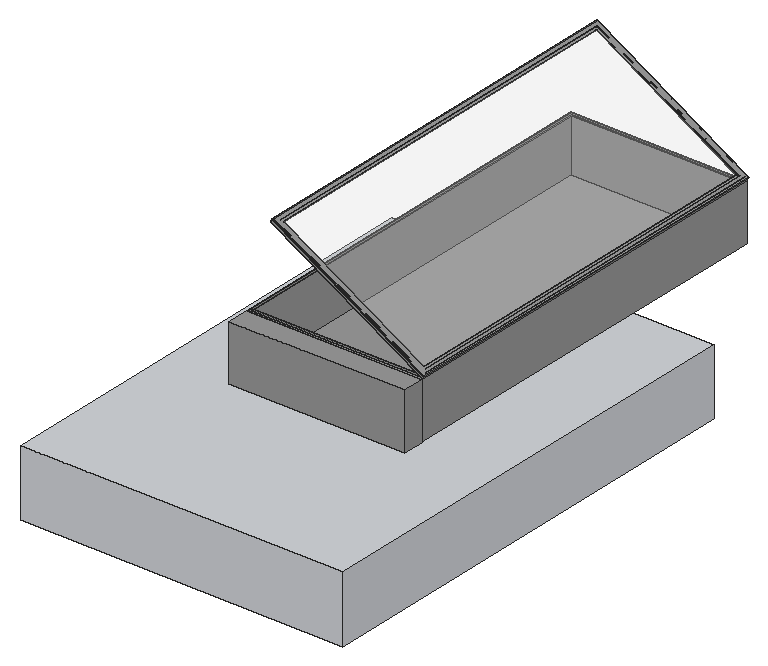
Revit family "Hager-Univers-IP55-D275-H1950-Cl.I-Steel_encl-NL-en", category Equipement électrique, Revit 2020
Family settings
  Hôte = Face
  Configuration du panneau = Deux colonnes, circuits au sein
  Cote de connecteur circulaire = Utiliser le diamètre
  Type d'élément = Tableau de raccordement
  Couper avec des vides une fois chargée = Non
  Partagée = Non
  Point de calcul de pièce = Non
Parameters (values of type "Floor installation IP55 W800 H1950 D275  - FR23K1")
  Width Control [instance] = if([EF000008 - Width] > Min Width, [EF000008 - Width], Min Width)  # 800 mm
  Commentaires du type = [HG000003 - Range]  # "Univers"
  Thickness Door [instance] = if([EF009171 - Material plate thickness door/cover] > 3 mm, 3 mm, [EF009171 - Material plate thickness door/cover])  # 1.5 mm
  Seal Frame Offset [instance] = 17 mm  # constant formula
  Plinth Visibility [instance] = [HG000027 - Plinth height] > 0 mm  # yes
  Model = ""
  Min Width [instance] = 100 mm  # constant formula
  Min Height [instance] = 100 mm  # constant formula
  Min Depth [instance] = (2 * [EF009170 - Material plate thickness cabinet]) + 1 mm  # 4 mm
  Internal Frame Depth [instance] = (Door System Depth * 0.5)  # 9 mm
  Height Control [instance] = if([EF000040 - Height] > Min Height, [EF000040 - Height], Min Height)  # 1950 mm
  HG000027 - Plinth height = 100 mm
  HG000026 - Floor standing = yes
  HG000024 - Bottom section height = 800 mm
  HG000023 - Double section enclosure = no
  HG000016 - Door 3d visibility [instance] = yes
  HG000015 - Clearance visibility [instance] = no
  HG000014 - Door on the right [instance] = yes
  HG000013 - Door on the left [instance] = not([HG000014 - Door on the right])  # no
  HG000012 - Door swing angle [instance] = 30.00°
  HG000010 - Asymmetric doors = no
  HG000009 - Double swing door = no
  HG000006 - Flush mounted = no
  HG000004 - Manufacturer reference = "FR23K1"
  HG000003 - Range = "Univers"
  HG000002 - With door or cover = yes
  Frame Offset Bottom [instance] = 10 mm  # constant formula
  Frame Offset [instance] = 15 mm  # constant formula
  EF015940 - Cover with overpressure release = no
  EF011959 - Degree of protection (NEMA) = ""
  EF009554 - Number of openings for flange plates = 6
  EF009212 - Cover model = "EV000116 - Closed"
  EF009171 - Material plate thickness door/cover = 1.5 mm
  EF009170 - Material plate thickness cabinet = 1.5 mm
  Fabricant = "Hager"  # constant formula
  EF008873 - Nominal current (In) = 800 A
  EF007800 - Suitable for lightning protection = no
  EF006306 - With lock = no
  EF006244 - Transparent cover/door = yes
  EF005474 - Degree of protection (IP) = "EV006420 - IP55"
  EF004464 - Type of door = "EV002646 - Single"
  EF004427 - Number of modules = 432
  EF004293 - Impact strength = "EV008784 - IK10"
  EF003532 - Suitable for outdoor use = no
  EF002950 - Width in number of modular spacings = 24
  EF001613 - Circuit integrity = "EV000494 - None"
  EF001596 - Material housing = "EV000179 - Steel"
  EF001131 - Internal depth = 275 mm
  EF001088 - Extension possible = yes
  EF000437 - Number of conduit inlets = 6
  EF000339 - Type of cover = "EV004216 - Door"
  EF000266 - Number of rows = 12
  EF000218 - Built-in depth = 0 mm
  EF000118 - With mounting plate = no
  EF000116 - RAL-number = "7035"
  EF000049 - Depth = 275 mm
  EF000040 - Height = 1950 mm
  EF000008 - Width = 800 mm
  EF000007 - Colour = "EV000270 - Grey"
  EF000003 - Mounting method = "EV012274 - Floor installation"
  Door System Leaf Tolerance [instance] = 1.5 mm  # constant formula
  Door System Depth [instance] = 18 mm  # constant formula
  Door Height [instance] = Height Control - [HG000027 - Plinth height]  # 1850 mm
  Depth Control [instance] = if([EF000049 - Depth] > Min Depth, [EF000049 - Depth], Min Depth)  # 275 mm
  Default Elevation = 0 mm
  Connector Offset [instance] = Height Control / 2  # 975 mm
  Bottom Top Plate Trim [instance] = 1.5 mm  # constant formula
  Plinth height Ctrl [instance] = if([HG000027 - Plinth height] > 0 mm, [HG000027 - Plinth height], 12 mm)  # 100 mm
Types (11, lengths in mm): name | Width Control | HG000010 - Asymmetric doors | HG000009 - Double swing door | HG000004 - Manufacturer reference | EF009554 - Number of openings for flange plates | EF006244 - Transparent cover/door | EF004464 - Type of door | EF004427 - Number of modules | EF000437 - Number of conduit inlets | EF000008 - Width
  Floor installation IP55 W1050 H1950 D275  - FR24E1 | 1050 | yes | yes | "FR24E1" | 8 | no | "EV003602 - Double" | 576 | 8 | 1050
  Floor installation IP55 W1050 H1950 D275  - FR24K1 | 1050 | yes | yes | "FR24K1" | 8 | yes | "EV003602 - Double" | 576 | 8 | 1050
  Floor installation IP55 W1300 H1950 D275  - FR25E1 | 1300 | yes | yes | "FR25E1" | 10 | no | "EV003602 - Double" | 720 | 10 | 1300
  Floor installation IP55 W1300 H1950 D275  - FR25K1 | 1300 | yes | yes | "FR25K1" | 10 | yes | "EV003602 - Double" | 720 | 10 | 1300
  Floor installation IP55 W1550 H1950 D275  - FR26E1 | 1550 | yes | yes | "FR26E1" | 12 | no | "EV003602 - Double" | 864 | 12 | 1550
  Floor installation IP55 W1550 H1950 D275  - FR26K1 | 1550 | yes | yes | "FR26K1" | 12 | yes | "EV003602 - Double" | 864 | 12 | 1550
  Floor installation IP55 W300 H1950 D275  - FR21E1 | 300 | no | no | "FR21E1" | 2 | no | "EV002646 - Single" | 144 | 2 | 300
  Floor installation IP55 W550 H1950 D275  - FR22E1 | 550 | no | no | "FR22E1" | 4 | no | "EV002646 - Single" | 288 | 4 | 550
  Floor installation IP55 W550 H1950 D275  - FR22K1 | 550 | no | no | "FR22K1" | 4 | yes | "EV002646 - Single" | 288 | 4 | 550
  Floor installation IP55 W800 H1950 D275  - FR23E1 | 800 | no | no | "FR23E1" | 6 | no | "EV002646 - Single" | 432 | 6 | 800
  Floor installation IP55 W800 H1950 D275  - FR23K1 | 800 | no | no | "FR23K1" | 6 | yes | "EV002646 - Single" | 432 | 6 | 800
Reference planes
  plane 1 "Center (Front/Back)": y = 0
  plane 2: z = 0
  plane 3 "Center (Left/Right)": x = 0
  plane 4: z = 275
  plane 5: y = 101.5
  plane 6: y = 1025
  plane 7: y = 100
  plane 8: y = 1950
  plane 9: z = 0
  plane 10: x = -385
  plane 11: x = 385
  plane 12: x = 383.5
  plane 13: x = -383.5
  plane 14: y = 1948.5
  plane 15: x = -383
  plane 16: x = -400
  plane 17: x = 383
  plane 18: x = 400
  plane 19: x = 398.5
  plane 20: x = -398.5
  plane 21: y = 111.5
  plane 22: y = 1950
  plane 23: y = 1933.5
  plane 24: z = 257
  plane 25: z = 1.5
  plane 26: z = 255.5
  plane 27: z = 273.5
Forms (mm)
  Extrusion 1, solid
    sketch origin (0, 0, 0) x (1, 0, 0) y (0, 1, 0)
      loop
        line (-702.964, 1305) -> (-702.964, -811.445) -> (766.763, -811.445) -> (766.763, 1305) -> (-702.964, 1305)
    from 0 to -304.8
  Extrusion 2, solid, material "Hager_Steel_RAL7035_Light_Grey", visible <- "Plinth Visibility", detail levels medium+fine
    sketch origin (0, 0, 0) x (1, 0, 0) y (0, 1, 0)
      loop
        line (-400, 0) -> (400, 0) -> (400, 100) -> (-400, 100) -> (-400, 0)
    from 0 to 257
  Extrusion 3, solid, material "Hager_Steel_RAL7035_Light_Grey", detail levels medium+fine
    sketch origin (0, 0, 0) x (1, 0, 0) y (0, 1, 0)
      loop
        line (-400, 100) -> (400, 100) -> (400, 1950) -> (-400, 1950) -> (-400, 100)
    from 0 to 257
  Extrusion 4, void
    sketch origin (0, 0, 0) x (1, 0, 0) y (0, 1, 0)
      loop
        line (-398.5, 101.5) -> (398.5, 101.5) -> (398.5, 1948.5) -> (-398.5, 1948.5) -> (-398.5, 101.5)
    from 1.5 to 255.5
  Extrusion 5, void
    sketch origin (-381.607, -4572, 257) x (0, -1, 0) y (-1, 0, 0)
      loop
        line (-4683.5, 1.893) -> (-6505.5, 1.893) -> (-6505.5, -765.107) -> (-4683.5, -765.107) -> (-4683.5, 1.893)
    from 0 to 1.5 <- "EF009170 - Material plate thickness cabinet"
  Extrusion 6, solid, material "Hager_Steel_RAL7035_Light_Grey", detail levels fine
    sketch origin (0, 0, 257) x (1, 0, 0) y (0, 1, 0)
      loop
        line (-383.5, 1933.5) -> (-383.5, 111.5) -> (383.5, 111.5) -> (383.5, 1933.5) -> (-383.5, 1933.5)
      loop
        line (-385, 110) -> (385, 110) -> (385, 1935) -> (-385, 1935) -> (-385, 110)
    from 0 to 9 <- "Internal Frame Depth"
  Extrusion 7, solid, material "Hager_Steel_RAL7035_Light_Grey", detail levels coarse
    sketch origin (0, 0, 0) x (1, 0, 0) y (0, 1, 0)
      loop
        line (-400, 0) -> (400, 0) -> (400, 1950) -> (-400, 1950) -> (-400, 0)
    from 0 to 275
  Sweep 8, void
    path in 3D
      loop
        line (-400, 100, 0) -> (400, 100, 0) -> (400, 100, 257) -> (-400, 100, 257) -> (-400, 100, 0)
    profile origin (-400, 100, 128.5) x (-1, 0, 0) y (0, -1, 0)
      loop
        line (0, 0) -> (0, 1.5) -> (-1.5, 1.5)
        arc (-1.5, 1.5) -> (-1.061, 0.439) -> (0, 0) r 1.5
Cuts and joins
  Extrusion 4, Extrusion 5 cuts Extrusion 3
  Sweep 8 cuts Extrusion 2
Lines and regions (mm)
  Masking region 1
    outline origin (0, 0, 0) x (1, 0, 0) y (0, 0, 1)
      loop
        line (-400, 275) -> (-400, 0) -> (400, 0) -> (400, 275) -> (-400, 275)
  Masking region 2, detail levels medium+fine
    outline origin (0, 140, 0) x (0, 1, 0) y (0, 0, 1)
      loop
        line (-40, 0) -> (1810, 0) -> (1810, 257) -> (-40, 257) -> (-40, 0)
  Masking region 3, not visible, detail levels medium+fine
    outline origin (0, 297.922, 0) x (0, 1, 0) y (0, 0, 1)
      loop
        line (738.578, 0) -> (778.578, 0) -> (778.578, 263.5)
        arc (778.578, 263.5) -> (775.649, 270.571) -> (768.578, 273.5) r 10
        line (768.578, 273.5) -> (738.578, 273.5) -> (738.578, 0)
  Masking region 4, detail levels coarse
    outline origin (0, 0, 180) x (0, 1, 0) y (0, 0, 1)
      loop
        line (0, -180) -> (1950, -180) -> (1950, 95) -> (0, 95) -> (0, -180)
  Masking region 5, visible <- "Plinth Visibility", detail levels medium+fine
    outline origin (0, 52.24, 12.345) x (0, 0, -1) y (0, 1, 0)
      loop
        line (10.845, 47.76) -> (-243.155, 47.76)
        arc (-243.155, 47.76) -> (-243.594, 46.699) -> (-244.655, 46.26) r 1.5
        line (-244.655, 46.26) -> (-244.655, -52.24) -> (12.345, -52.24) -> (12.345, 46.26)
        arc (12.345, 46.26) -> (11.285, 46.699) -> (10.845, 47.76) r 1.5
  Masking region 6, detail levels medium+fine
    outline origin (-381.607, -4572, 257) x (-1, 0, 0) y (0, -1, 0)
      loop
        line (18.393, -6522) -> (18.393, -4672) -> (-781.607, -4672) -> (-781.607, -6522) -> (18.393, -6522)
  Masking region 7, visible <- "Plinth Visibility", detail levels medium+fine
    outline origin (-381.607, -4727, 257) x (-1, 0, 0) y (0, -1, 0)
      loop
        arc (16.893, -4827) -> (17.332, -4825.939) -> (18.393, -4825.5) r 1.5
        line (18.393, -4825.5) -> (18.393, -4727) -> (-781.607, -4727) -> (-781.607, -4825.5)
        arc (-781.607, -4825.5) -> (-780.546, -4825.939) -> (-780.107, -4827) r 1.5
        line (-780.107, -4827) -> (16.893, -4827)
  Masking region 8, detail levels coarse
    outline origin (-442.548, -4669.526, 257) x (-1, 0, 0) y (0, -1, 0)
      loop
        line (-42.548, -6619.526) -> (-42.548, -4669.526) -> (-842.548, -4669.526) -> (-842.548, -6619.526) -> (-42.548, -6619.526)
  sketch lines
    curve 1: line (-400, 100, 257) -> (-400, 100, 0)
    curve 2: line (400, 100, 257) -> (-400, 100, 257)
    curve 3: line (400, 100, 257) -> (400, 100, 0)
    curve 4: line (-400, 100, 0) -> (400, 100, 0)
Dimensions and locks
  "Depth Control": plane 4 to Extrusion 1
  "HG000027 - Plinth height": plane 1 "Center (Front/Back)" to plane 7
  "EF009170 - Material plate thickness cabinet": plane 5 to plane 7
  locked: connector elem to plane 3 "Center (Left/Right)"
  equal spacing: plane 8, plane 6, plane 7
  locked: connector elem to plane 6
  "EF009170 - Material plate thickness cabinet": plane 8 to plane 14
  "EF009170 - Material plate thickness cabinet": plane 10 to plane 13
  "EF009170 - Material plate thickness cabinet": plane 12 to plane 11
  "Frame Offset": plane 20 to plane 13
  "Frame Offset": plane 12 to plane 19
  "EF009170 - Material plate thickness cabinet": plane 16 to plane 20
  "EF009170 - Material plate thickness cabinet": plane 19 to plane 18
  "Seal Frame Offset": plane 16 to plane 15
  "Seal Frame Offset": plane 17 to plane 18
  "Frame Offset Bottom": plane 21 to plane 5
  "Frame Offset": plane 14 to plane 23
  equal spacing: plane 16, plane 3 "Center (Left/Right)", plane 18
  "Width Control": plane 16 to plane 18
  "EF009170 - Material plate thickness cabinet": plane 4 to plane 27
  "EF009170 - Material plate thickness cabinet": plane 24 to plane 26
  "EF009170 - Material plate thickness cabinet": plane 25 to level
  "Door System Depth": plane 4 to plane 24
  "Height Control": plane 1 "Center (Front/Back)" to Extrusion 7 sketch curve
  "Height Control": Masking region 4 sketch curve to plane 1 "Center (Front/Back)"
  "Height Control": plane 1 "Center (Front/Back)" to plane 22
  "Bottom Top Plate Trim": profile plane to Sweep 8 sketch curve
  "Bottom Top Plate Trim": Sweep 8 sketch curve to profile plane
  "Plinth height Ctrl": plane 1 "Center (Front/Back)" to Extrusion 2 sketch curve
  "Plinth height Ctrl": Masking region 5 sketch curve to plane 1 "Center (Front/Back)"
  "Plinth height Ctrl": plane 1 "Center (Front/Back)" to Masking region 7 sketch curve
  "Thickness Door": Extrusion 6 sketch curve to Extrusion 6 sketch curve  (x3)
  "Thickness Door": cut or joined group of Extrusion 3, Extrusion 4, Extrusion 5 to Extrusion 6 sketch curve
  radius of Masking region 3 sketch curve = 10 mm
  "Bottom Top Plate Trim": radius of Masking region 5 sketch curve  (x2)
  "Bottom Top Plate Trim": radius of Sweep 8 sketch curve
  "Bottom Top Plate Trim": radius of Masking region 7 sketch curve  (x2)
  aligned and locked: plane 2 to Extrusion 1
  aligned and locked: level to Extrusion 1
  aligned and locked: level to Masking region 1 sketch curve
  aligned and locked: Masking region 1 sketch curve to plane 18
  aligned and locked: Masking region 1 sketch curve to plane 16
  aligned and locked: plane 7 to Masking region 2 sketch curve
  aligned and locked: level to Masking region 3 sketch curve
  aligned and locked: Masking region 3 sketch curve to plane 27
  aligned and locked: level to Masking region 2 sketch curve
  aligned and locked: plane 1 "Center (Front/Back)" to Extrusion 2 sketch curve
  aligned and locked: Extrusion 3 sketch curve to plane 7
  aligned and locked: plane 16 to Extrusion 3 sketch curve
  aligned and locked: plane 18 to Extrusion 3 sketch curve
  aligned and locked: plane 20 to Extrusion 4 sketch curve
  aligned and locked: plane 19 to Extrusion 4 sketch curve
  aligned and locked: Extrusion 4 sketch curve to plane 5
  aligned and locked: Extrusion 4 to plane 25
  aligned and locked: plane 26 to Extrusion 4
  aligned and locked: plane 24 to Extrusion 3
  aligned and locked: Extrusion 5 sketch curve to plane 21
  aligned and locked: Extrusion 5 sketch curve to plane 13
  aligned and locked: Extrusion 5 sketch curve to plane 12
  aligned and locked: plane 18 to Extrusion 7 sketch curve
  aligned and locked: plane 1 "Center (Front/Back)" to Extrusion 7 sketch curve
  aligned and locked: plane 16 to Extrusion 7 sketch curve
  aligned and locked: plane 4 to Extrusion 7
  aligned and locked: Extrusion 7 to level
  aligned and locked: level to Masking region 4 sketch curve
  aligned and locked: Masking region 4 sketch curve to plane 1 "Center (Front/Back)"
  aligned and locked: Masking region 4 sketch curve to plane 4
  aligned and locked: nested 1 to level
  aligned and locked: nested 1 to plane 16
  aligned and locked: plane 8 to Extrusion 3 sketch curve
  aligned and locked: plane 23 to Extrusion 5 sketch curve
  aligned and locked: plane 14 to Extrusion 4 sketch curve
  aligned and locked: Masking region 2 sketch curve to plane 8
  aligned and locked: level to Masking region 5 sketch curve
  aligned and locked: plane 16 to Extrusion 2 sketch curve
  aligned and locked: plane 18 to Extrusion 2 sketch curve
  aligned and locked: Masking region 5 sketch curve to plane 24
  aligned and locked: Masking region 2 sketch curve to plane 24
  aligned and locked: plane 24 to Extrusion 2
  aligned and locked: profile plane to Sweep 8 sketch curve  (x2)
  aligned and locked: Masking region 6 sketch curve to plane 18
  aligned and locked: Masking region 6 sketch curve to plane 22
  aligned and locked: Masking region 6 sketch curve to plane 16
  aligned and locked: plane 8 to plane 22
  aligned and locked: Masking region 6 sketch curve to plane 7
  aligned and locked: Masking region 7 sketch curve to plane 16
  aligned and locked: Masking region 7 sketch curve to plane 1 "Center (Front/Back)"
  aligned and locked: Masking region 7 sketch curve to plane 18
  aligned and locked: Masking region 8 sketch curve to plane 1 "Center (Front/Back)"
  aligned and locked: Masking region 8 sketch curve to plane 18
  aligned and locked: Masking region 8 sketch curve to plane 22
  aligned and locked: Masking region 8 sketch curve to plane 16
  aligned and locked: nested 2 to plane 7
  aligned and locked: plane 3 "Center (Left/Right)" to nested 2
  aligned and locked: nested 2 to plane 24
  aligned and locked: Extrusion 6 sketch curve to cut or joined group of Extrusion 3, Extrusion 4, Extrusion 5  (x4)
Automatic sketch dimensions
  Extrusion 1 sketch curve to Extrusion 1 sketch curve = 1469.727 mm
  Extrusion 1 sketch curve to Extrusion 1 sketch curve = 2116.445 mm
  Masking region 1 sketch curve to plane 4 = 0 mm
  plane 6 to Masking region 3 sketch curve = 11.5 mm
  Masking region 3 sketch curve to Masking region 3 sketch curve = 30 mm
  Masking region 5 sketch curve to plane 1 "Center (Front/Back)" = 0 mm
Nested families
  nested 1: "Hager_Enclosure_Symbol" at (-400, 0, 0) x (1, 0, 0) z (0, -1, 0), Height <- "Depth Control", Width <- "Width Control", type "Hager_Enclosure_Symbol"
    with Width_Ctrl 800 mm, Width 800 mm, Height_Ctrl 275 mm, Height 275 mm, A_Width_Int 18.047 mm, A_Width 216.562 mm, A_Height_Ctrl 240.625 mm, A_Height 240.625 mm
  nested 2: "EC000058_Univers_Door" at (0, 100, 257) x (1, 0, 0) z (0, 1, 0), Leaf_Tolerance <- "Door System Leaf Tolerance", Angle <- "HG000012 - Door swing angle", Door_Depth <- "Door System Depth", Door_Left <- "HG000013 - Door on the left", Transparent <- "EF006244 - Transparent cover/door", Assymetrical <- "HG000010 - Asymmetric doors", Width <- "Width Control", Clearance <- "HG000015 - Clearance visibility", Double <- "HG000009 - Double swing door", 3d_Door <- "HG000016 - Door 3d visibility", Lock_Visibility <- "EF006306 - With lock", Width_Ctrl <- "Width Control", Door_Right <- "HG000014 - Door on the right", Door <- "HG000002 - With door or cover", Height <- "Door Height", Thickness <- "Thickness Door", type "EC000058_Univers_Door", detail levels medium+fine
    with min_wh 4 mm, Width_Ctrl 800 mm, Width 800 mm, Transparent yes, Thickness 1.5 mm, Seal_Material Hager_Rubber, Lock_Visibility no, Lock_Material Hager_Plastic_RAL9005_Jet_Black, Leaf_Width 800 mm, Leaf_Tolerance_External_Sides 0 mm, Leaf_Tolerance 1.5 mm, Leaf_Offset 0 mm, Leaf_Height 1847 mm, Leaf_2_Width 800 mm, Leaf_2_Offset 400 mm, Leaf_1_Width 800 mm, Leaf_1_Offset 400 mm, Height_Ctrl 1850 mm, Height 1850 mm, Glass_Material Hager_Glass, Double_Clearance_Ctrl no, Double no, Door_Right_Ctrl yes, Door_Right yes, Door_Material Hager_Steel_RAL7035_Light_Grey, Door_Left_Ctrl no, Door_Left no, Door_Depth 18 mm, Door yes, Clearance_Material Hager_Clearance, Clearance_Depth 800 mm, Clearance_Ctrl no, Clearance no, Assymetrical no, Angle 30.00°, 3d_Door yes
Connectors
  electrical at (0, 1025, 0)
    settings: on plane 9, index 1, voltage 0 V, apparent load 0 VA, apparent load phase1 0 VA, apparent load phase2 0 VA, apparent load phase3 0 VA, power factor 1, load classification "Other", number of poles 1, system type 30, power factor state 1, is connector primary yes, connector utility no, sub classification motor no, connector description ""
Definition of nested family "EC000058_Univers_Door"
  Parameters (values of type "EC000058_Univers_Door")
    min_wh [instance] = (2 * Thickness) + 1 mm  # 11 mm
    Width_Ctrl [instance] = 400 mm
    Width [instance] = 500 mm
    Transparent [instance] = yes
    Thickness [instance] = 5 mm
    Seal_Material [instance] = none
    Lock_Visibility [instance] = yes
    Lock_Material [instance] = none
    Leaf_Width [instance] = if((Width_Ctrl - 2 * Leaf_Tolerance_External_Sides) > 0 mm, (Width_Ctrl - 2 * Leaf_Tolerance_External_Sides), min_wh)  # 400 mm
    Leaf_Tolerance_External_Sides [instance] = 0 mm  # constant formula
    Leaf_Tolerance [instance] = 1.5 mm
    Leaf_Offset [instance] = 0 mm  # constant formula
    Leaf_Height [instance] = if((Height_Ctrl - 2 * Leaf_Tolerance) > 0 mm, (Height_Ctrl - 2 * Leaf_Tolerance), min_wh)  # 497 mm
    Leaf_2_Width [instance] = if(and(and(Double, Assymetrical), Door_Left), (Leaf_Width / 3) - (Leaf_Tolerance / 2), if(and(and(Double, Assymetrical), Door_Right), (Leaf_Width / 3) * 2 - (Leaf_Tolerance / 2), if(and(Double, not(Assymetrical)), (Leaf_Width / 2) - Leaf_Tolerance, Leaf_Width)))  # 400 mm
    Leaf_2_Offset [instance] = if(and(Double, Assymetrical), Leaf_2_Width / 2, if(and(Double, not(Assymetrical)), Leaf_Width / 4, Leaf_Width / 2))  # 200 mm
    Leaf_1_Width [instance] = if(and(and(Double, Assymetrical), Door_Right), (Leaf_Width / 3) - (Leaf_Tolerance / 2), if(and(and(Double, Assymetrical), Door_Left), (Width / 3) * 2 - (Leaf_Tolerance / 2), if(and(Double, not(Assymetrical)), (Leaf_Width / 2) - Leaf_Tolerance, Leaf_Width)))  # 400 mm
    Leaf_1_Offset [instance] = if(and(Double, Assymetrical), Leaf_1_Width / 2, if(and(Double, not(Assymetrical)), Leaf_Width / 4, Leaf_Width / 2))  # 200 mm
    Height_Ctrl [instance] = if(Height > min_wh, Height, min_wh)  # 500 mm
    Height [instance] = 500 mm
    Glass_Material [instance] = none
    Double_Clearance_Ctrl [instance] = and(Double, Clearance)  # no
    Double [instance] = no
    Door_Right_Ctrl [instance] = and(or(Door_Right, Double), Door)  # yes
    Door_Right [instance] = yes
    Door_Material [instance] = none
    Door_Left_Ctrl [instance] = and(or(Door_Left, Double), Door)  # no
    Door_Left [instance] = no
    Door_Depth [instance] = 30 mm
    Door [instance] = yes
    Default Elevation = 1219.2 mm
    Clearance_Material [instance] = none
    Clearance_Depth [instance] = if(Leaf_1_Width > Leaf_2_Width, Leaf_1_Width, Leaf_2_Width)  # 400 mm
    Clearance_Ctrl [instance] = and(not(Double), Clearance)  # yes
    Clearance [instance] = yes
    Assymetrical [instance] = yes
    Angle [instance] = 30.00°
    3d_Door [instance] = yes
  Reference planes
    plane 1 "Center (Front/Back)": y = 0
    plane 2 "Bottom": z = 0
    plane 3 "Center (Left/Right)": x = 0
    plane 4: z = 500
    plane 5: x = -200
    plane 6: x = 200
    plane 7: z = 500
    plane 8: x = -200
    plane 9: z = 0
    plane 10: x = 200
    plane 11: y = 0
    plane 12: z = 1.5
    plane 13: x = -600
    plane 14: y = -400
    plane 15: x = 600
    plane 16: x = 0
    plane 17: x = 0
    plane 18: x = -200
    plane 19: x = 200
    plane 20: z = 498.5
  Forms (mm)
    Extrusion 1, solid, material <- "Clearance_Material", visible <- "Double_Clearance_Ctrl"
      sketch origin (1200, 0, 0) x (1, 0, 0) y (0, 0, -1)
        loop
          line (-1800, -498.5) -> (-600, -498.5) -> (-600, 0) -> (-1800, 0) -> (-1800, -498.5)
      from 0 to -400
  Dimensions and locks
    equal spacing: plane 5, plane 3 "Center (Left/Right)", plane 6
    "Width_Ctrl": plane 5 to plane 6
    "Leaf_Offset": plane 5 to plane 8
    "Leaf_Offset": plane 6 to plane 10
    "Leaf_Offset": plane 9 to level
    "Leaf_Offset": plane 4 to plane 7
    "Height_Ctrl": plane 4 to level
    "Leaf_Tolerance": plane 12 to plane 9
    locked: plane 11 to plane 1 "Center (Front/Back)"
    "Leaf_1_Offset": plane 18 to plane 16
    "Leaf_2_Offset": plane 17 to plane 19
    "Leaf_1_Width": plane 13 to plane 8
    "Leaf_2_Width": plane 10 to plane 15
    "Clearance_Depth": plane 14 to plane 1 "Center (Front/Back)"
    "Leaf_Tolerance_External_Sides": plane 8 to plane 18
    "Leaf_Tolerance_External_Sides": plane 19 to plane 10
    "Leaf_Tolerance": plane 7 to plane 20
    aligned and locked: level to plane 2 "Bottom"
    aligned and locked: nested 1 to plane 16
    aligned and locked: nested 2 to plane 17
    aligned and locked: Extrusion 1 to plane 13
    aligned and locked: plane 15 to Extrusion 1
    aligned and locked: Extrusion 1 to plane 14
    aligned and locked: plane 12 to nested 1
    aligned and locked: nested 2 to plane 12
    aligned and locked: Extrusion 1 to plane 11
    aligned and locked: plane 20 to Extrusion 1
    aligned and locked: nested 2 to plane 11
    aligned and locked: nested 1 to plane 11
  Automatic sketch dimensions
    Extrusion 1 sketch curve to level = 0 mm
    plane 5 to Extrusion 1 sketch curve = 400 mm
    plane 6 to Extrusion 1 sketch curve = 400 mm
    Extrusion 1 sketch curve to plane 4 = 1.5 mm
  Nested families
    nested 1: "EC000058_Univers_Door_Leaf" at (0, 0, 1.5), Width <- "Leaf_1_Width", visible <- "Door_Left_Ctrl", Leaf_Height <- "Leaf_Height", Angle <- "Angle", 3d_Door <- "3d_Door", Transparent <- "Transparent", Clearance Material <- "Clearance_Material", Clearance <- "Clearance_Ctrl", Door_Material <- "Door_Material", Glass_Material <- "Glass_Material", Door_Depth <- "Door_Depth", Lock_Material <- "Lock_Material", Seal_Material <- "Seal_Material", Lock_Visibility <- "Lock_Visibility", Thickness <- "Thickness", type "EC000058_Univers_Door_Leaf"
      with Width 400 mm, Transparent_Glass_Offset 30 mm, Transparent_Ctrl yes, Transparent yes, Thickness 5 mm, Standard no, Seal_Material none, Seal_D2 8 mm, Seal_D1 1 mm, Offset_Internal_Frame 10 mm, Lock_Width 20 mm, Lock_Visibility_3d yes, Lock_Visibility yes, Lock_Thickness_3 3 mm, Lock_Thickness_2 1 mm, Lock_Thickness_1 3 mm, Lock_Radius_Offset_2 16 mm, Lock_Radius_Offset_1 15 mm, Lock_Radius_2 5 mm, Lock_Radius 6 mm, Lock_Offset 5 mm, Lock_Material none, Lock_Height 80 mm, Lock_Cover_Top_Offset_2d 17 mm, Lock_Cover_Height -65 mm, Leaf_Height 497 mm, Internal_Seal_Thickness 8 mm, Internal_Seal_Depth_2 4.5 mm, Internal_Frame_Depth 25 mm, Glass_Thickness -1 mm, Glass_Offset -2 mm, Glass_Material none, Door_Material none, Door_Depth 30 mm, Clearance Material none, Clearance yes, Angle_Ctrl 30.00°, Angle 30.00°, 3d_Door yes
    nested 2: "EC000058_Univers_Door_Leaf" at (0, 0, 1.5) x (-1, 0, 0) z (0, 0, 1), Width <- "Leaf_2_Width", visible <- "Door_Right_Ctrl", Leaf_Height <- "Leaf_Height", Angle <- "Angle", 3d_Door <- "3d_Door", Transparent <- "Transparent", Clearance Material <- "Clearance_Material", Clearance <- "Clearance_Ctrl", Door_Material <- "Door_Material", Glass_Material <- "Glass_Material", Door_Depth <- "Door_Depth", Lock_Material <- "Lock_Material", Seal_Material <- "Seal_Material", Lock_Visibility <- "Lock_Visibility", Thickness <- "Thickness", type "EC000058_Univers_Door_Leaf"
      with Width 400 mm, Transparent_Glass_Offset 30 mm, Transparent_Ctrl yes, Transparent yes, Thickness 5 mm, Standard no, Seal_Material none, Seal_D2 8 mm, Seal_D1 1 mm, Offset_Internal_Frame 10 mm, Lock_Width 20 mm, Lock_Visibility_3d yes, Lock_Visibility yes, Lock_Thickness_3 3 mm, Lock_Thickness_2 1 mm, Lock_Thickness_1 3 mm, Lock_Radius_Offset_2 16 mm, Lock_Radius_Offset_1 15 mm, Lock_Radius_2 5 mm, Lock_Radius 6 mm, Lock_Offset 5 mm, Lock_Material none, Lock_Height 80 mm, Lock_Cover_Top_Offset_2d 17 mm, Lock_Cover_Height -65 mm, Leaf_Height 497 mm, Internal_Seal_Thickness 8 mm, Internal_Seal_Depth_2 4.5 mm, Internal_Frame_Depth 25 mm, Glass_Thickness -1 mm, Glass_Offset -2 mm, Glass_Material none, Door_Material none, Door_Depth 30 mm, Clearance Material none, Clearance yes, Angle_Ctrl 30.00°, Angle 30.00°, 3d_Door yes
  Definition of nested family "EC000058_Univers_Door_Leaf"
    Parameters (values of type "EC000058_Univers_Door_Leaf")
      Width [instance] = 2000 mm
      Transparent_Glass_Offset [instance] = 30 mm
      Transparent_Ctrl [instance] = and(Transparent, [3d_Door])  # yes
      Transparent [instance] = yes
      Thickness [instance] = 5 mm
      Standard [instance] = and(not(Transparent), [3d_Door])  # no
      Seal_Material [instance] = none
      Seal_D2 [instance] = 8 mm  # constant formula
      Seal_D1 [instance] = 1 mm  # constant formula
      Offset_Internal_Frame [instance] = 10 mm  # constant formula
      Lock_Width [instance] = 20 mm  # constant formula
      Lock_Visibility_3d [instance] = and(Lock_Visibility, [3d_Door])  # yes
      Lock_Visibility [instance] = yes
      Lock_Thickness_3 [instance] = 3 mm  # constant formula
      Lock_Thickness_2 [instance] = 1 mm  # constant formula
      Lock_Thickness_1 [instance] = 3 mm  # constant formula
      Lock_Radius_Offset_2 [instance] = Lock_Radius_Offset_1 + 1 mm  # 16 mm
      Lock_Radius_Offset_1 [instance] = 15 mm  # constant formula
      Lock_Radius_2 [instance] = Lock_Radius - 1 mm  # 5 mm
      Lock_Radius [instance] = 6 mm  # constant formula
      Lock_Offset [instance] = 5 mm  # constant formula
      Lock_Material [instance] = none
      Lock_Height [instance] = 80 mm  # constant formula
      Lock_Cover_Top_Offset_2d [instance] = Lock_Radius_Offset_2 + 1 mm  # 17 mm
      Lock_Cover_Height [instance] = -(Lock_Height - Lock_Radius_Offset_1)  # -65 mm
      Leaf_Height [instance] = 2720.336 mm
      Internal_Seal_Thickness [instance] = 8 mm  # constant formula
      Internal_Seal_Depth_2 [instance] = 4.5 mm  # constant formula
      Internal_Frame_Depth [instance] = if(Door_Depth - Thickness > 5 mm, Door_Depth - Thickness, 5 mm)  # 25 mm
      Glass_Thickness [instance] = if(Thickness > 15 mm, Glass_Offset + 10 mm, -1 mm)  # -1 mm
      Glass_Offset [instance] = if(Thickness > 15 mm, -(Thickness + 10 mm) / 2, -2 mm)  # -2 mm
      Glass_Material [instance] = none
      Door_Material [instance] = none
      Door_Depth [instance] = 30 mm
      Default Elevation = 0 mm
      Clearance Material [instance] = none
      Clearance [instance] = yes
      Angle_Ctrl [instance] = if(Angle > 180.00°, 180.00°, Angle)  # 90.00°
      Angle [instance] = 90.00°
      3d_Door [instance] = yes
    Reference planes
      plane 1 "Center (Front/Back)": y = 0
      plane 2: z = 0
      plane 3 "Center (Left/Right)": x = 0
      plane 4: y = 2000
      plane 5: x = -1000
      plane 6: x = 1000
      plane 7: x = -3000
      plane 8: z = 2720.336
      plane 9: z = 30
      plane 10: z = 2690.336
      plane 11: x = 970
      plane 12: x = -970
      plane 13: y = -3
      plane 14: z = 107.833
      plane 15: y = -5
      plane 16: y = -223.314
      plane 17: x = -1000
      plane 18: z = 1360.168
      plane 19: y = 30
    Forms (mm)
      Extrusion 1, solid, material <- "Clearance Material", visible <- "Clearance"
        sketch origin (0, 0, 0) x (1, 0, 0) y (0, 0, 1)
          loop
            line (-3000, 2720.336) -> (-3000, 0) -> (1000, 0) -> (1000, 2720.336) -> (-3000, 2720.336)
        from 0 to -2000
      Extrusion 2, solid, material <- "Door_Material", visible <- "Standard", detail levels medium+fine
        sketch origin (-1000, 0, 0) x (0, 1, 0) y (-1, 0, 0)
          loop
            line (0, 30) -> (0, 25) -> (2000, 25) -> (2000, 30) -> (0, 30)
        from 0 to 2720.336 <- "Leaf_Height"
      Extrusion 3, solid, material <- "Door_Material", visible <- "Transparent_Ctrl", detail levels medium+fine
        sketch origin (-1000, 0, 0) x (0, 1, 0) y (-1, 0, 0)
          loop
            line (0, 25) -> (2000, 25) -> (2000, 30) -> (0, 30) -> (0, 25)
        from 0 to 2720.336 <- "Leaf_Height"
      Extrusion 4, void
        sketch origin (-1025, 2000, 0) x (0, 1, 0) y (0, 0, -1)
          loop
            line (-30, -2690.336) -> (-30, -30) -> (-1970, -30) -> (-1970, -2690.336) -> (-30, -2690.336)
        from 0 to 5 <- "Thickness"
      Sweep 5, solid, material <- "Seal_Material", visible <- "Transparent_Ctrl", detail levels fine
        path in 3D
          loop
            line (-1025, 30, 30) -> (-1025, 30, 2690.336) -> (-1025, 1970, 2690.336) -> (-1025, 1970, 30) -> (-1025, 30, 30)
        profile origin (-1025, 1000, 30) x (1, 0, 0) y (0, 0, 1)
          loop
            line (0, 0) -> (0, -8) -> (1, -8) -> (1, 0) -> (0, 0)
      Extrusion 6, solid, material <- "Glass_Material", visible <- "Transparent_Ctrl", detail levels medium+fine
        sketch origin (-1030, 0, 0) x (0, 1, 0) y (0, 0, -1)
          loop
            line (1970, -2690.336) -> (1970, -30) -> (30, -30) -> (30, -2690.336) -> (1970, -2690.336)
        from -2 <- "Glass_Offset" to -1 <- "Glass_Thickness"
      Extrusion 7, solid, material <- "Door_Material", visible <- "3d_Door", detail levels medium+fine
        sketch origin (-1025, 2000, 0) x (0, -1, 0) y (0, 0, -1)
          loop
            line (0, -2720.336) -> (2000, -2720.336) -> (2000, 0) -> (0, 0) -> (0, -2720.336)
          loop
            line (1995, -5) -> (5, -5) -> (5, -2715.336) -> (1995, -2715.336) -> (1995, -5)
        from 0 to 25 <- "Internal_Frame_Depth"
      Sweep 8, solid, material <- "Seal_Material", visible <- "Transparent_Ctrl", detail levels fine
        path in 3D
          loop
            line (-1025, 0, 0) -> (-1025, 2000, 0) -> (-1025, 2000, 2720.336) -> (-1025, 0, 2720.336) -> (-1025, 0, 0)
        profile origin (-1025, 0, 1360.168) x (1, 0, 0) y (0, 1, 0)
          loop
            line (0, 10) -> (2.975, 10)
            arc (2.975, 10) -> (4.053, 10.447) -> (4.5, 11.525) r 1.525
            line (4.5, 11.525) -> (4.5, 16.527)
            arc (4.5, 16.527) -> (4.069, 17.569) -> (3.027, 18) r 1.473
            line (3.027, 18) -> (0, 18) -> (0, 10)
      Extrusion 9, solid, material <- "Lock_Material", visible <- "Lock_Visibility_3d", detail levels fine
        sketch origin (-1030, 0, 0) x (0, 1, 0) y (0, 0, -1)
          loop
            arc (1993.5, -1400.168) -> (1994.561, -1399.729) -> (1995, -1398.668) r 1.5
            line (1995, -1398.668) -> (1995, -1320.168) -> (1975, -1320.168) -> (1975, -1398.668)
            arc (1975, -1398.668) -> (1975.439, -1399.729) -> (1976.5, -1400.168) r 1.5
            line (1976.5, -1400.168) -> (1993.5, -1400.168)
        from 3 <- "Lock_Thickness_1" to 0
      Blend 10, solid, material <- "Lock_Material", visible <- "Lock_Visibility_3d", detail levels fine
        base sketch origin (-1033, 0, 0) x (0, 1, 0) y (0, 0, -1)
          loop
            line (1975, -1320.168) -> (1975, -1398.668)
            arc (1975, -1398.668) -> (1975.439, -1399.729) -> (1976.5, -1400.168) r 1.5
            line (1976.5, -1400.168) -> (1993.5, -1400.168)
            arc (1993.5, -1400.168) -> (1994.561, -1399.729) -> (1995, -1398.668) r 1.5
            line (1995, -1398.668) -> (1995, -1320.168) -> (1975, -1320.168)
        top sketch origin (-1033, 0, 0) x (0, 1, 0) y (0, 0, -1)
          loop
            line (1976, -1320.168) -> (1976, -1398.668)
            arc (1976, -1398.668) -> (1976.146, -1399.022) -> (1976.5, -1399.168) r 0.5
            line (1976.5, -1399.168) -> (1993.5, -1399.168)
            arc (1993.5, -1399.168) -> (1993.854, -1399.022) -> (1994, -1398.668) r 0.5
            line (1994, -1398.668) -> (1994, -1320.168) -> (1976, -1320.168)
        from 0 to 1 <- "Lock_Thickness_2"
      Blend 11, solid, material <- "Lock_Material", visible <- "Lock_Visibility_3d", detail levels fine
        base sketch origin (-1034, 0, 0) x (0, 1, 0) y (0, 0, -1)
          loop
            line (1978, -1320.168) -> (1978, -1384.168)
            arc (1978, -1384.168) -> (1985, -1391.168) -> (1992, -1384.168) r 7
            line (1992, -1384.168) -> (1992, -1320.168) -> (1978, -1320.168)
        top sketch origin (-1034, 0, 0) x (0, 1, 0) y (0, 0, -1)
          loop
            line (1991, -1320.168) -> (1979, -1320.168) -> (1979, -1383.168)
            arc (1979, -1383.168) -> (1985, -1389.168) -> (1991, -1383.168) r 6
            line (1991, -1383.168) -> (1991, -1320.168)
        from 0 to 3 <- "Lock_Thickness_3"
      Extrusion 12, solid, material <- "Lock_Material", visible <- "Lock_Visibility_3d", detail levels fine
        sketch origin (-1030, 1975, 1320.168) x (1, 0, 0) y (0, -1, 0)
          loop
            line (-7, -19) -> (-7, -1) -> (0, -1) -> (0, 0) -> (-8, 0) -> (-8, -20) -> (0, -20) -> (0, -19) -> (-7, -19)
        from 0 to -65 <- "Lock_Cover_Height"
      Extrusion 13, void
        sketch origin (-1038, 1995, 1320.168) x (-1, 0, 0) y (0, 0, -1)
          loop
            line (-5, -65) -> (0, -65) -> (-5, -60) -> (-5, -65)
        from 0 to 20 <- "Lock_Width"
      Extrusion 14, void
        sketch origin (-1038, 1975, 1320.168) x (0, -1, 0) y (0, 0, -1)
          loop
            circle (-10, -15.995) r 6
          loop
            circle (-10, -15.995) r 5
        from 0 to 2
      Extrusion 15, solid, material <- "Lock_Material", visible <- "Lock_Visibility_3d", detail levels medium
        sketch origin (-1030, 0, 0) x (0, 1, 0) y (0, 0, -1)
          loop
            arc (1993.5, -1400.168) -> (1994.561, -1399.729) -> (1995, -1398.668) r 1.5
            line (1995, -1398.668) -> (1995, -1320.168) -> (1975, -1320.168) -> (1975, -1398.668)
            arc (1975, -1398.668) -> (1975.439, -1399.729) -> (1976.5, -1400.168) r 1.5
            line (1976.5, -1400.168) -> (1993.5, -1400.168)
        from 8 to 0
    Cuts and joins
      Extrusion 4 cuts Extrusion 3
      Extrusion 13, Extrusion 14 cuts Extrusion 9
      Extrusion 14 cuts Blend 11
      Extrusion 13, Extrusion 14 cuts Extrusion 12
      joined: Extrusion 9, Blend 10, Blend 11, Extrusion 12
      Extrusion 14 cuts Extrusion 15
    Lines and regions (mm)
      Masking region 1, visible <- "Lock_Visibility", detail levels fine
        outline origin (0, 0, 0) x (0, 1, 0) y (0, 0, 1)
          loop
            line (30, 1320.168) -> (33, 1320.168) -> (33, 1400.168) -> (30, 1400.168) -> (30, 1320.168)
      Masking region 2, visible <- "Lock_Visibility", detail levels fine
        outline origin (0, 3.143, 0) x (0, 1, 0) y (0, 0, 1)
          loop
            line (29.857, 1354.168) -> (30.857, 1354.168) -> (30.857, 1366.168) -> (29.857, 1366.168) -> (29.857, 1354.168)
      Masking region 3, detail levels medium+fine
        outline origin (0, 0, 0) x (0, 1, 0) y (0, 0, 1)
          loop
            line (0, 0) -> (30, 0) -> (30, 2720.336) -> (0, 2720.336) -> (0, 0)
      Masking region 4, detail levels medium+fine
        outline origin (0, 0, 0) x (1, 0, 0) y (0, 0, 1)
          loop
            line (-1000, 2720.336) -> (-1000, 0) -> (1000, 0) -> (1000, 2720.336) -> (-1000, 2720.336)
      Masking region 5, visible <- "Lock_Visibility", detail levels fine
        outline origin (-47.116, 0, 0) x (1, 0, 0) y (0, 0, 1)
          loop
            arc (1024.616, 1399.168) -> (1023.556, 1398.729) -> (1023.116, 1397.668) r 1.5
            line (1023.116, 1397.668) -> (1023.116, 1320.168) -> (1041.116, 1320.168) -> (1041.116, 1397.668)
            arc (1041.116, 1397.668) -> (1040.677, 1398.729) -> (1039.616, 1399.168) r 1.5
            line (1039.616, 1399.168) -> (1024.616, 1399.168)
      Masking region 6, visible <- "Lock_Visibility", detail levels medium+fine
        outline origin (-25, 0, 0) x (1, 0, 0) y (0, 0, 1)
          loop
            arc (1001.5, 1400.168) -> (1000.439, 1399.729) -> (1000, 1398.668) r 1.5
            line (1000, 1398.668) -> (1000, 1320.168) -> (1020, 1320.168) -> (1020, 1398.668)
            arc (1020, 1398.668) -> (1019.561, 1399.729) -> (1018.5, 1400.168) r 1.5
            line (1018.5, 1400.168) -> (1001.5, 1400.168)
      Masking region 7, visible <- "Lock_Visibility", detail levels fine
        outline origin (-73.735, 0, 0) x (1, 0, 0) y (0, 0, 1)
          loop
            line (1051.735, 1382.168) -> (1065.735, 1382.168) -> (1065.735, 1384.168)
            arc (1065.735, 1384.168) -> (1058.735, 1391.168) -> (1051.735, 1384.168) r 7
            line (1051.735, 1384.168) -> (1051.735, 1382.168)
      Masking region 8, visible <- "Lock_Visibility", detail levels fine
        outline origin (-73.735, 0, 0) x (1, 0, 0) y (0, 0, 1)
          loop
            line (1052.735, 1382.168) -> (1064.735, 1382.168) -> (1064.735, 1383.168)
            arc (1064.735, 1383.168) -> (1058.735, 1389.168) -> (1052.735, 1383.168) r 6
            line (1052.735, 1383.168) -> (1052.735, 1382.168)
      Masking region 9, visible <- "Lock_Visibility", detail levels fine
        outline origin (-25, 0, 0) x (1, 0, 0) y (0, 0, 1)
          loop
            line (1020, 1320.168) -> (1020, 1382.168) -> (1000, 1382.168) -> (1000, 1320.168) -> (1020, 1320.168)
      Masking region 10, detail levels medium+fine
        outline origin (0, 0, 0) x (1, 0, 0) y (0, 0, 1)
          loop
            circle (985, 1335.144) r 6
      Masking region 11, detail levels fine
        outline origin (0, 0, 0) x (1, 0, 0) y (0, 0, 1)
          loop
            circle (985, 1335.144) r 5
      Masking region 12, visible <- "Lock_Visibility", detail levels fine
        outline origin (0, 12.767, 0) x (0, 1, 0) y (0, 0, 1)
          loop
            line (20.233, 1320.168) -> (21.233, 1320.168) -> (21.233, 1399.168) -> (20.233, 1400.168) -> (20.233, 1320.168)
      Masking region 13, visible <- "Lock_Visibility", detail levels fine
        outline origin (0, 13.767, -10) x (0, 1, 0) y (0, 0, 1)
          loop
            line (20.233, 1330.168) -> (23.233, 1330.168) -> (23.233, 1399.168) -> (20.233, 1402.168) -> (20.233, 1330.168)
      Masking region 14, visible <- "Lock_Visibility", detail levels fine
        outline origin (0, 12.767, -10) x (0, 1, 0) y (0, 0, 1)
          loop
            line (20.233, 1330.168) -> (25.233, 1330.168) -> (25.233, 1399.305) -> (20.233, 1394.305) -> (20.233, 1330.168)
      Masking region 15, visible <- "Lock_Visibility", detail levels medium
        outline origin (0, 0, 0) x (0, 1, 0) y (0, 0, 1)
          loop
            line (30, 1320.168) -> (38, 1320.168) -> (38, 1400.168) -> (30, 1400.168) -> (30, 1320.168)
      Masking region 16, visible <- "Lock_Visibility", detail levels fine
        outline origin (-1000, 0, 0) x (0, 1, 0) y (-1, 0, 0)
          loop
            line (1975, 30) -> (1995, 30) -> (1995, 38) -> (1975, 38) -> (1975, 30)
          loop
            line (1979, 37) -> (1976, 37) -> (1976, 34) -> (1978, 34) -> (1979, 37)
          loop
            line (1994, 37) -> (1991, 37) -> (1992, 34) -> (1994, 34) -> (1994, 37)
      Masking region 17, visible <- "Lock_Visibility", detail levels medium
        outline origin (-1000, 0, 0) x (0, 1, 0) y (-1, 0, 0)
          loop
            line (1975, 30) -> (1995, 30) -> (1995, 38) -> (1975, 38) -> (1975, 30)
      symbolic lines
        curve 1: line (1000, 0, 0) -> (-3000, 0, 0)
        curve 2: arc (1000, 0, 0) -> (-1000, 2000, 0) -> (-3000, 0, 0) r 2000
        curve 4: line (-1030, 0, 0) -> (-1030, 2000, 0)
      reference lines
        curve 3: line (-1000, 0, 0) -> (-1000, 2000, 0)
      symbolic lines, detail levels medium+fine
        curve 5: line (-1030, 2000, 0) -> (-1025, 2000, 0)
        curve 7: line (-1025, 0, 0) -> (-1030, 0, 0)
        curve 8: line (-1025, 0, 0) -> (-1000, 0, 0)
        curve 9: line (-1000, 0, 0) -> (-1000, 2000, 0)
        curve 10: line (-1000, 2000, 0) -> (-1025, 2000, 0)
      symbolic lines, detail levels fine
        curve 6: line (-1025, 2000, 0) -> (-1025, 0, 0)
      sketch lines
        curve 11: line (-1025, 0, 2720.336) -> (-1025, 0, 0)
        curve 12: line (-1025, 2000, 0) -> (-1025, 0, 0)
        curve 13: line (-1025, 2000, 2720.336) -> (-1025, 2000, 0)
        curve 14: line (-1025, 0, 2720.336) -> (-1025, 2000, 2720.336)
        curve 15: line (-1025, 1970, 30) -> (-1025, 30, 30)
        curve 16: line (-1025, 30, 30) -> (-1025, 30, 2690.336)
        curve 17: line (-1025, 1970, 2690.336) -> (-1025, 1970, 30)
        curve 18: line (-1025, 30, 2690.336) -> (-1025, 1970, 2690.336)
      symbolic lines, visible <- "Transparent", detail levels medium+fine
        curve 19: line (-970, 0, 2690.336) -> (970, 0, 2690.336)
        curve 20: line (-970, 0, 30) -> (-970, 0, 2690.336)
        curve 21: line (970, 0, 30) -> (-970, 0, 30)
        curve 22: line (970, 0, 2690.336) -> (970, 0, 30)
    Dimensions and locks
      "Width": plane 1 "Center (Front/Back)" to plane 4
      equal spacing: plane 5, plane 3 "Center (Left/Right)", plane 6
      "Width": plane 5 to plane 6
      "Width": plane 7 to plane 5
      "Leaf_Height": plane 8 to level
      "Width": curve 5 to curve 3
      "Width": curve 3 to curve 3
      plane 8 to plane 10 = 30 mm
      plane 9 to level = 30 mm
      plane 12 to plane 5 = 30 mm
      plane 6 to plane 11 = 30 mm
      Extrusion 1 to Extrusion 4 sketch curve = 30 mm
      "Transparent_Glass_Offset": curve 3 to Extrusion 4 sketch curve
      "Transparent_Glass_Offset": Extrusion 4 sketch curve to cut or joined group of Extrusion 3, Extrusion 4  (x2)
      cut or joined group of Extrusion 3, Extrusion 4 to Extrusion 6 sketch curve = 30 mm
      "Transparent_Glass_Offset": cut or joined group of Extrusion 3, Extrusion 4 to Extrusion 4 sketch curve
      "Thickness": curve 6 to curve 4
      "Thickness": Extrusion 7 sketch curve to Extrusion 7 sketch curve  (x4)
      "Door_Depth": curve 4 to curve 3
      "Offset_Internal_Frame": profile plane to Sweep 8 sketch curve
      "Internal_Seal_Thickness": Sweep 8 sketch curve to Sweep 8 sketch curve
      "Internal_Seal_Depth_2": profile plane to Sweep 8 sketch curve
      "Seal_D1": profile plane to Sweep 5 sketch curve
      "Seal_D2": profile plane to Sweep 5 sketch curve
      "Thickness": Extrusion 2 sketch curve to Extrusion 2 sketch curve
      equal spacing: Extrusion 9 sketch curve, plane 18, Extrusion 9 sketch curve  (x2)
      equal spacing: Masking region 1 sketch curve, plane 18, Masking region 1 sketch curve
      "Lock_Height": Masking region 1 sketch curve to Masking region 1 sketch curve
      "Lock_Radius": Masking region 2 sketch curve to plane 18 to Masking region 2 sketch curve
      Masking region 2 sketch curve to Masking region 1 = 1 mm
      "Door_Depth": plane 19 to plane 1 "Center (Front/Back)"
      "Lock_Thickness_1": Masking region 1 sketch curve to plane 19
      "Lock_Width": Extrusion 9 sketch curve to Extrusion 9 sketch curve
      "Lock_Height": Extrusion 9 sketch curve to Extrusion 9 sketch curve
      "Lock_Offset": cut or joined group of Extrusion 3, Extrusion 4 to Extrusion 9 sketch curve
      equal spacing: plane 8, plane 18, level
      "Lock_Radius_Offset_1": Blend 11 sketch curve to Blend 10
      locked: Blend 10 to Blend 11 sketch curve at 2  (x2)
      locked: var sketch to Blend 11 sketch curve at 1  (x2)
      "Lock_Radius_Offset_2": Blend 11 sketch curve to Blend 10
      locked: Extrusion 12 sketch curve to Extrusion 12 sketch curve at 1  (x3)
      Masking region 6 sketch curve to Masking region 6 sketch curve = 80 mm
      "Lock_Height": Masking region 6 sketch curve to Masking region 6 sketch curve
      "Lock_Width": Masking region 6 sketch curve to Masking region 6 sketch curve
      locked: Masking region 6 to Masking region 5 sketch curve at 1  (x3)
      locked: Masking region 5 to Masking region 7 sketch curve at 2  (x2)
      "Lock_Radius_Offset_1": Masking region 5 to Masking region 7 sketch curve
      "Lock_Radius_Offset_2": Masking region 5 to Masking region 8 sketch curve
      locked: Masking region 7 to Masking region 8 sketch curve at 1  (x2)
      "Lock_Cover_Top_Offset_2d": Masking region 5 to Masking region 9 sketch curve
      equal spacing: Masking region 9, Masking region 10 sketch curve, Masking region 9
      equal spacing: Masking region 9, Masking region 11 sketch curve, Masking region 9
      Extrusion 15 sketch curve to Extrusion 15 sketch curve = 80 mm
      "Lock_Width": Extrusion 15 sketch curve to Extrusion 15 sketch curve
      "Lock_Height": Extrusion 15 sketch curve to Extrusion 15 sketch curve
      equal spacing: Extrusion 15 sketch curve, plane 18, Extrusion 15 sketch curve
      "Lock_Thickness_3": Masking region 13 sketch curve to Masking region 13 sketch curve
      "Lock_Height": Masking region 12 sketch curve to Masking region 12 sketch curve
      locked: Masking region 13 sketch curve to Masking region 1 at 8
      locked: Masking region 14 sketch curve to Masking region 13 at 1
      locked: Masking region 14 sketch curve to Masking region 1 at 10.863
      "Lock_Height": Masking region 15 sketch curve to Masking region 15 sketch curve
      "Lock_Offset": Extrusion 15 sketch curve to cut or joined group of Extrusion 3, Extrusion 4
      "Lock_Offset": plane 6 to Masking region 6 sketch curve
      radius of Sweep 8 sketch curve = 1.525 mm
      radius of Sweep 8 sketch curve = 1.473 mm
      radius of Extrusion 9 sketch curve = 1.5 mm  (x2)
      "Lock_Radius": radius of Extrusion 14 sketch curve
      "Lock_Radius_2": radius of Extrusion 14 sketch curve
      "Lock_Radius": radius of Masking region 10 sketch curve
      "Lock_Radius_2": radius of Masking region 11 sketch curve
      radius of Extrusion 15 sketch curve = 1.5 mm  (x2)
      "Angle_Ctrl": angle plane 1 "Center (Front/Back)" to curve 3
      locked: Masking region 12 sketch curve to Masking region 12 sketch curve (angle 45.00°)
      locked: Masking region 13 sketch curve to Masking region 13 sketch curve (angle 45.00°)
      locked: Masking region 14 sketch curve to Masking region 14 sketch curve (angle 45.00°)
      aligned and locked: level to plane 2
      aligned and locked: Extrusion 1 to curve 1
      aligned and locked: plane 6 to Extrusion 1
      aligned and locked: Extrusion 1 to plane 1 "Center (Front/Back)"
      aligned and locked: plane 4 to Extrusion 1
      aligned and locked: plane 8 to Extrusion 1
      aligned and locked: curve 7 to Extrusion 2 sketch curve
      aligned and locked: curve 5 to Extrusion 2 sketch curve
      aligned and locked: curve 7 to Extrusion 3 sketch curve
      aligned and locked: Extrusion 3 sketch curve to curve 4
      aligned and locked: Extrusion 3 sketch curve to curve 6
      aligned and locked: Extrusion 3 sketch curve to curve 5
      aligned and locked: curve 9 to curve 3
      aligned and locked: Extrusion 7 sketch curve to cut or joined group of Extrusion 3, Extrusion 4  (x4)
      aligned and locked: plane 17 to curve 3
      aligned and locked: plane 1 "Center (Front/Back)" to curve 3
      aligned and locked: plane 17 to plane 5
      aligned and locked: Sweep 8 sketch curve to profile plane
      aligned and locked: Sweep 5 sketch curve to profile plane  (x2)
      aligned and locked: Masking region 1 to Masking region 2 sketch curve
      aligned and locked: plane 19 to Masking region 1 sketch curve
      aligned and locked: plane 1 "Center (Front/Back)" to Masking region 3 sketch curve
      aligned and locked: plane 19 to Masking region 3 sketch curve
      aligned and locked: level to Masking region 3 sketch curve
      aligned and locked: Masking region 3 sketch curve to plane 8
      aligned and locked: plane 17 to Masking region 4 sketch curve
      aligned and locked: level to Masking region 4 sketch curve
      aligned and locked: Masking region 4 sketch curve to plane 8
      aligned and locked: plane 12 to curve 20
      aligned and locked: plane 10 to curve 19
      aligned and locked: plane 11 to curve 22
      aligned and locked: curve 21 to plane 9
      aligned and locked: Extrusion 2 sketch curve to cut or joined group of Extrusion 3, Extrusion 4
      aligned and locked: Blend 10 sketch curve to Extrusion 9  (x4)
      aligned and locked: Extrusion 9 to Blend 10 sketch curve
      aligned and locked: Blend 10 to Blend 11 sketch curve
      aligned and locked: Extrusion 12 sketch curve to Blend 11
      aligned and locked: Extrusion 12 sketch curve to Extrusion 9  (x4)
      aligned and locked: Masking region 5 sketch curve to Masking region 6
      aligned and locked: Masking region 9 sketch curve to Masking region 6  (x3)
      aligned and locked: Masking region 12 sketch curve to Masking region 1
      aligned and locked: Masking region 13 sketch curve to Masking region 1
      aligned and locked: Masking region 12 to Masking region 14
      aligned and locked: Masking region 14 sketch curve to Masking region 1
      aligned and locked: Masking region 15 sketch curve to Masking region 14
      aligned and locked: Masking region 13 sketch curve to Masking region 12
      aligned and locked: Masking region 16 sketch curve to cut or joined group of Extrusion 14, Extrusion 15  (x4)
      aligned and locked: Masking region 16 sketch curve to cut or joined group of Extrusion 9, Blend 10, Blend 11, Extrusion 12, Extrusion 13, Extrusion 14  (x6)
      aligned and locked: cut or joined group of Extrusion 9, Blend 10, Blend 11, Extrusion 12, Extrusion 13, Extrusion 14 to Masking region 16 sketch curve
      aligned and locked: Masking region 17 sketch curve to cut or joined group of Extrusion 14, Extrusion 15  (x3)
      aligned and locked: Masking region 17 sketch curve to cut or joined group of Extrusion 9, Blend 10, Blend 11, Extrusion 12, Extrusion 13, Extrusion 14
      aligned and locked: Masking region 9 to Masking region 8 sketch curve
      aligned and locked: Masking region 9 to Masking region 7 sketch curve
    Automatic sketch dimensions
      plane 1 "Center (Front/Back)" to curve 2 = 0 mm
      curve 2 to plane 5 = 0 mm
      Extrusion 1 sketch curve to level = 0 mm
      Extrusion 1 sketch curve to plane 7 = 0 mm
      Extrusion 1 sketch curve to plane 6 = 0 mm
      Extrusion 1 sketch curve to plane 8 = 0 mm
      Extrusion 3 to Extrusion 6 sketch curve = 30 mm  (x4)
      Masking region 4 sketch curve to plane 6 = 0 mm
      Blend 10 sketch curve to Extrusion 9 = 1.5 mm
      Blend 10 sketch curve to Extrusion 9 = 1 mm
      Extrusion 13 sketch curve to Extrusion 12 = 0 mm  (x2)
      Extrusion 12 to Extrusion 13 sketch curve = 3 mm
      Extrusion 13 sketch curve to Extrusion 12 = 5 mm
      Extrusion 14 sketch curve to Extrusion 14 sketch curve = 0 mm  (x2)
      Extrusion 14 sketch curve to Extrusion 12 = 10 mm
      Extrusion 14 sketch curve to Extrusion 12 = 15.995 mm
      Masking region 5 sketch curve to Masking region 5 sketch curve = 1.5 mm  (x2)
      Masking region 10 sketch curve to plane 18 = 25.024 mm
      Masking region 11 sketch curve to plane 18 = 25.024 mm
      plane 19 to Masking region 14 sketch curve = 3 mm
      Masking region 16 sketch curve to Masking region 16 sketch curve = 3 mm
      curve 4 to curve 3 = 0 mm
      Blend 10 to Blend 11 sketch curve = 0 mm
      Masking region 6 sketch curve to Masking region 6 sketch curve = 1.5 mm  (x2)
      Masking region 6 sketch curve to plane 18 = 40 mm
      plane 19 to Masking region 12 sketch curve = 3 mm
      Masking region 12 sketch curve to Masking region 12 sketch curve = 1 mm
      Masking region 15 sketch curve to plane 19 = 0 mm
      Masking region 15 sketch curve to plane 18 = 40 mm
      radius of Blend 10 sketch curve to Extrusion 9 = 1 mm
Definition of nested family "Hager_Enclosure_Symbol"
  Parameters (values of type "Hager_Enclosure_Symbol")
    Width_Ctrl [instance] = if(Width > 1 mm, Width, 1 mm)  # 102.27 mm
    Width [instance] = 102.27 mm
    Height_Ctrl [instance] = if(Height > 1 mm, Height, 1 mm)  # 66.5 mm
    A_Width_Int [instance] = if(A_Width / 12 > 2 mm, A_Width / 12, 2 mm)  # 4.364 mm
    A_Width [instance] = if(A_Height_Ctrl * 0.9 > 2 mm, A_Height_Ctrl * 0.9, 2 mm)  # 52.369 mm
    A_Height_Ctrl [instance] = if(A_Height > 2 mm, A_Height, 2 mm)  # 58.188 mm
    Height [instance] = 66.5 mm
    A_Height [instance] = Height - (Height / 8)  # 58.188 mm
  Reference planes
    plane 1 "Centre (avant/arrière)": y = 0
    plane 2: z = 0
    plane 3 "Centre (gauche/droite)": x = 0
    plane 4: x = 52.369
    plane 5: y = 33.042
    plane 6: y = 41.77
    plane 7: y = 66.5
    plane 8: x = 26.184
    plane 9: y = 37.406
    plane 10: x = 102.27
    plane 11: y = 66.5
    plane 12: y = 8.313
  Lines and regions (mm)
    Filled region 1, type "Solid_Black", in view "Niveau de réf."
      outline origin (0, 0, 0) x (1, 0, 0) y (0, 1, 0)
        loop
          line (52.369, 66.5) -> (33.188, 54.536) -> (45.365, 45.006) -> (52.369, 66.5)
    Filled region 2, type "Solid_Black", in view "Niveau de réf."
      outline origin (0, 0, 0) x (1, 0, 0) y (0, 1, 0)
        loop
          line (0, 0) -> (102.27, 0) -> (102.27, 66.5) -> (0, 0)
    detail lines, in view "Niveau de réf."
      curve 1: line (0, 8.313, 0) -> (26.184, 41.77, 0)
      curve 2: line (26.184, 41.77, 0) -> (26.184, 33.042, 0)
      curve 3: line (26.184, 33.042, 0) -> (52.369, 66.5, 0)
  Dimensions and locks
    "A_Width": plane 3 "Centre (gauche/droite)" to plane 4
    equal spacing: plane 3 "Centre (gauche/droite)", plane 8, plane 4
    equal spacing: plane 6, plane 9, plane 5
    equal spacing: curve 3, Filled region 1 sketch curve, Filled region 1 sketch curve
    "Height_Ctrl": plane 1 "Centre (avant/arrière)" to plane 11
    "A_Height_Ctrl": plane 11 to plane 12
    equal spacing: plane 11, plane 9, plane 12
    "A_Width_Int": plane 6 to plane 9
    "Width_Ctrl": plane 3 "Centre (gauche/droite)" to plane 10
    angle Filled region 1 sketch curve to curve 3 = 20.00°
    angle curve 3 to Filled region 1 sketch curve = 20.00°
    locked: curve 3 to Filled region 1 sketch curve (angle 90.00°)
    aligned and locked: plane 10 to Filled region 2
    aligned and locked: plane 11 to Filled region 2 sketch curve
    aligned and locked: plane 10 to Filled region 2 sketch curve
    aligned and locked: plane 3 "Centre (gauche/droite)" to curve 1
    aligned and locked: plane 12 to curve 1
    aligned and locked: plane 7 to plane 11
  Automatic sketch dimensions
    Filled region 1 sketch curve to plane 4 = 0 mm
    Filled region 1 sketch curve to plane 7 = 0 mm
    plane 1 "Centre (avant/arrière)" to Filled region 2 sketch curve = 0 mm
    Filled region 2 sketch curve to plane 3 "Centre (gauche/droite)" = 0 mm
    curve 2 to plane 6 = 0 mm
    curve 2 to plane 8 = 0 mm
    curve 3 to plane 4 = 0 mm
    curve 2 to plane 5 = 0 mm
    curve 3 to plane 7 = 0 mm
